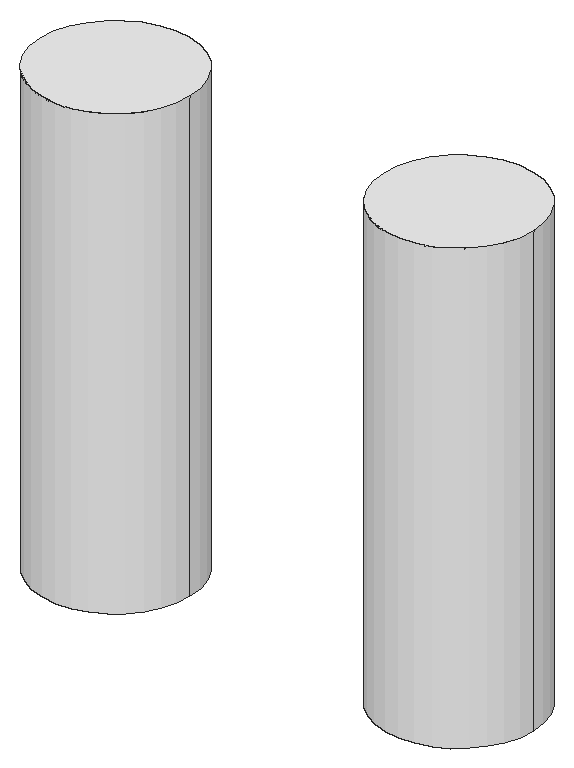
Revit family "55482203(2022)", category Plumbing Fixtures, Revit 2018
Family settings
  Round Connector Dimension = Use Diameter
  Part Type = Normal
  OmniClass Number = 23.45.55.00
  OmniClass Title = Sanitary Faucets, Wastes
  Work Plane-Based = No
  Always vertical = Yes
  Cut with Voids When Loaded = No
  Shared = No
  Room Calculation Point = No
Parameters (values of type "55482203 Kitchen faucet")
  Working Pressure = "50 - 1000 kPa"
  WarrantyStartDate [instance] = "n/a"
  WarrantyGuarantorParts = "n/a"
  WarrantyGuarantorLabor = "n/a"
  WarrantyDurationUnit = "Year"
  WarrantyDurationParts = "n/a"
  WarrantyDurationLabor = "n/a"
  WarrantyDescription = "http://warranty.hansa.com"
  Warranty Information URL = "http://warranty.hansa.com"
  VersionDate = "23/11/2022"
  Version = "1"
  ValvePattern = "n/a"
  ValveOperation = "n/a"
  ValveMechanism = "n/a"
  Uniclass2015Reference = "Pr_40_20_87_96"
  Uniclass2015Description = "Washbasin manual water supply sets"
  Uniclass2 = "Pr_40_30_96_96"
  URL REACH = "http://static.hansa.com/doc/reach"
  URL Declaration of Conformity = "http://static.hansa.com/DoC/55482203"
  URL = ""
  UNSPSC Class Number = "30181700 Faucets or taps"
  Type Comments = ""
  TestPressure = "n/a"
  Technical DataSheet URL = "http://www.hansa.com/datasheet/55482203/en"
  TagNumber [instance] = "n/a"
  SustainabilityPerformance = "n/a"
  Surface treatment = "Chrome"
  Spout Type = "Swivel spout"
  Spout Swivel Range = "120°"
  Spout Projection = "223 mm"
  Size = "50x260x175 mm"
  Shape = "Sculptured"
  SerialNumber [instance] = "n/a"
  Sales Package dimensions (LxWxH) = "330 x 270 x 60"
  Revision = "n/a"
  ReplacementCost = "n/a"
  ProductInformation = "n/a"
  Product URL = "http://static.hansa.com/55482203"
  Product Image URL = "http://static.hansa.com/image/55482203"
  Product Family = "5160 "
  Product Code = "55482203"
  OperatingMechanismMaterial = "n/a"
  NominalWidth = 49.049 mm
  NominalHeight = 175.758 mm
  NominalDepth = 259.472 mm
  Noise Class = "I (ISO 3822)"
  Name_en = "55482203 Kitchen faucet"
  Name = "55482203 Kitchen faucet"
  NBSReference = "45-35-70/371"
  NBSDescription = "Water supply fittings for wash basins and troughs"
  Mounting Holes = "1 hole"
  ModelReference = "55482203"
  ModelNumber = "n/a"
  Model = "55482203 Kitchen faucet"
  Mobile Product Information URL = "http://mpi.hansa.com/55482203"
  Mechanical Parts = "ø 35 mm ceramic cartridge for flow and temperature control"
  Max. Hot Water Supply = 70 °C
  Material = "brassPlastic"
  Market = "International;Germany"
  ManufacturerURL = "http://www.hansa.com"
  ManufacturerName = "HANSA"
  Manufacturer = "HANSA"
  Lever Handle = "Hot/Cold symbols;Single operating lever/handle"
  Keynote = ""
  Interactive AR View URL = "https://static.hansa.com/AR/55482203"
  InstallationDate [instance] = "n/a"
  Installation Type = "Deck mounted"
  InletConnectionSize = 10 mm
  IfcExportType = "FAUCET"  # constant formula
  IfcExportAs = "IfcValveType"  # constant formula
  Group = "Kitchen faucet"
  Grade = "n/a"
  FlowCoefficient = 0
  Flow Rate At 300kPa = 0.2 L/s
  Flow Drawing URL = "http://static.hansa.com/flowchart/55482203"
  Finish = "Polished"
  Features = "Single-lever"
  FaucetMainMaterial = Brass
  FDV Document URL = "http://www.hansa.com/datasheet/55482203/en/fdv"
  ExpectedLife = "n/a"
  ETIM Class Number = "EC011431 Kitchen mixing tap"
  EN Standard = "EN 817"
  EAN Number = "4057304019074"
  DurationUnit = "Year"
  Dimension Drawing URL = "http://static.hansa.com/dimdrw/55482203"
  Description = ""
  DefaultElevation [instance] = 900 mm
  Constituents = "n/a"
  Connection Size = "G3/8"
  Connection = "Flexible inlet pipes"
  Color = "Chrome"
  CodePerformance = "n/a"
  CloseOffRating = 0
  Catalog Drawing URL = "http://static.hansa.com/catdrw/55482203"
  Brand = "HANSA"
  BodyMaterial = "Brass"
  Barcode [instance] = "n/a"
  Backflow Prevention EN1717 = "AA"
  BIMObjectName = "55482203(2022)"
  Author = "BIMStone"
  AssetType = "Fixed"
  AssetIdentifier [instance] = "n/a"
  Aerator = "Standard aerator"
  Advanced Features = "Rapid installation system"
  AccessibilityPerformance = "n/a"
  3D View = "https://static.hansa.com/AR/55482203"
  2D/3D/BIM Files URL = "http://static.hansa.com/bim/55482203"
Reference planes
  plane 1 "Center (Front/Back)": y = 0
  plane 2: z = 0
  plane 3 "Center (Left/Right)": x = 0
  plane 4: x = -24.524
  plane 5: z = 900
  plane 6: z = 870
  plane 7: y = -259.472
  plane 8: x = 24.524
  plane 9: z = 1075.758
Forms (mm)
  Extrusion 1, solid, material "Brass" <- "FaucetMainMaterial"
    sketch origin (0, -2.393, 0) x (1, 0, 0) y (0, 1, 0)
      loop
        circle (-11.5, -22.5) r 5
      loop
        circle (11.5, -22.5) r 5
    from 870 to 900
Dimensions and locks
  "DefaultElevation": plane 5 to level
  locked: plane 5 to plane 6 at 30
  "NominalDepth": plane 7 to plane 1 "Center (Front/Back)"
  equal spacing: plane 4, plane 3 "Center (Left/Right)", plane 8
  "NominalHeight": plane 9 to plane 5
  "NominalWidth": plane 4 to plane 8
  "InletConnectionSize": diameter of Extrusion 1 sketch curve  (x2)
  aligned and locked: level to plane 2
  aligned and locked: plane 5 to Extrusion 1
  aligned and locked: Extrusion 1 to plane 6
  aligned and locked: plane 1 "Center (Front/Back)" to nested 2
  aligned and locked: plane 3 "Center (Left/Right)" to nested 2
  aligned and locked: plane 3 "Center (Left/Right)" to nested 1
  aligned and locked: plane 1 "Center (Front/Back)" to nested 1
  aligned and locked: plane 5 to nested 2
Automatic sketch dimensions
  Extrusion 1 sketch curve to plane 3 "Center (Left/Right)" = 11.5 mm
  plane 3 "Center (Left/Right)" to Extrusion 1 sketch curve = 11.5 mm
  plane 1 "Center (Front/Back)" to Extrusion 1 sketch curve = 24.893 mm  (x2)
Nested families
  nested 1: "Symbol" at (0, 0, 0), type "Symbol", detail levels coarse
  nested 2: "55482203_Body" at (0, 0, 900), Material <- "FaucetMainMaterial", type "55482203_Body"
    with Material Brass
Connectors
  piping at (-11.5, -24.893, 870), diameter 10, driven by "InletConnectionSize", driven by "Flow Rate At 300kPa"
    settings: on Extrusion 1, index 1, connector inside diameter 609.6 mm, connector length 0 mm, flow factor 0, pipe flow 0.2 L/s, pressure drop 0.0 Pa, fitting loss kfactor 0, connector angle 0.00°, fixture units 0, engagement length 0 mm, angle of deflection 0.00°, flow configuration 1, flow direction 1, fitting loss method 0, system type 19, joint type 0, gender type 0, connector reference index -1, connector utility 0, adjustable connector no, is connector primary yes, connector description ""
  piping at (11.5, -24.893, 870), diameter 10, driven by "InletConnectionSize", driven by "Flow Rate At 300kPa"
    settings: on Extrusion 1, index 2, connector inside diameter 609.6 mm, connector length 0 mm, flow factor 0, pipe flow 0.2 L/s, pressure drop 0.0 Pa, fitting loss kfactor 0, connector angle 0.00°, fixture units 0, engagement length 0 mm, angle of deflection 0.00°, flow configuration 1, flow direction 1, fitting loss method 0, system type 20, joint type 0, gender type 0, connector reference index -1, connector utility 0, adjustable connector no, is connector primary no, connector description ""
Definition of nested family "Symbol"
  Reference planes
    plane 1: y = 0
    plane 2: x = 0
  Lines and regions (mm)
    detail lines
      curve 1: line (0, 0, 0) -> (0, -1.8, 0)
      curve 2: line (-0.4, -1.1, 0) -> (0.4, -1.1, 0)
      curve 3: line (-0.4, -1.4, 0) -> (0.4, -1.4, 0)
      curve 4: line (0.863, 0, 0) -> (-0.863, 0, 0)
      curve 5: circle (-1.163, 0, 0) r 0.3 normal (0, 0, -1)
      curve 6: circle (1.163, 0, 0) r 0.3 normal (0, 0, 1)
Definition of nested family "55482203_Body"
  Parameters (values of type "55482203_Body")
    Material [instance] = none
  Reference planes
    plane 1 "Center (Front/Back)": y = 0
    plane 2: z = 0
    plane 3 "Center (Left/Right)": x = 0
    plane 4: z = 175.758
    plane 5: y = -259.472
    plane 6: x = -24.524
    plane 7: x = 24.524
  Forms (mm)
    Revolve 1, solid, material <- "Material", detail levels medium
      sketch origin (0, 0, 0) x (0, 1, 0) y (0, 0, 1)
        loop
          line (0, 0) -> (-1.115, 175.758) -> (-24.744, 175.758) -> (-24.744, 0) -> (0, 0)
        axis (-24.744, 0) -> (-24.744, 175.758)
      angle from 0 to 360
    Extrusion 2, solid, material <- "Material", detail levels medium
      sketch origin (0, 0, 141) x (0, 1, 0) y (0, 0, 1)
        loop
          line (-27.423, 13.223) -> (-26.356, 18.714) -> (-108.895, 34.758)
          arc (-108.895, 34.758) -> (-110.482, 33.851) -> (-109.82, 32.148) r 1.4
          line (-109.82, 32.148) -> (-101.21, 27.566) -> (-27.423, 13.223)
      from -22 to 22
    Extrusion 3, solid, material <- "Material", detail levels coarse
      sketch origin (0, 0, 0) x (1, 0, 0) y (0, 1, 0)
        loop
          line (-23.579, 0) -> (-23.579, -259.472) -> (23.579, -259.472) -> (23.579, 0) -> (-23.579, 0)
      from 0 to 175.758
    Extrusion 4, void
      sketch origin (0, 0, 0) x (0, 1, 0) y (0, 0, 1)
        loop
          line (30, 148.759) -> (30, 175.758) -> (-108.895, 175.758) -> (30, 148.759)
      from -24.524 to 24.524
    Sweep 5, solid, material <- "Material", detail levels medium
      path origin (0, 0, 0) x (0, 1, 0) y (0, 0, 1)
        loop
          line (-37.704, 104.475) -> (-256.11, 146.929)
      profile origin (0, -146.907, 125.702) x (0, -0.190809, -0.981627) y (1, 0, 0)
        loop
          line (3, -14) -> (12, -14)
          arc (12, -14) -> (15.536, -12.536) -> (17, -9) r 5
          line (17, -9) -> (17, 9)
          arc (17, 9) -> (15.536, 12.536) -> (12, 14) r 5
          line (12, 14) -> (3, 14)
          arc (3, 14) -> (0.879, 13.121) -> (0, 11) r 3
          line (0, 11) -> (0, 0) -> (0, -11)
          arc (0, -11) -> (0.879, -13.121) -> (3, -14) r 3
    Revolve 6, solid, material <- "Material", detail levels medium
      sketch origin (0, 0, 0) x (0, 1, 0) y (0, 0, 1)
        loop
          line (-247.407, 118.422) -> (-235.669, 116.141) -> (-232.806, 130.865) -> (-244.545, 133.147) -> (-247.407, 118.422)
        axis (-244.545, 133.147) -> (-247.407, 118.422)
      angle from 0 to 360
  Cuts and joins
    Extrusion 4 cuts Revolve 1
    joined: Revolve 1, Extrusion 2, Sweep 5, Revolve 6
  Lines and regions (mm)
    symbolic lines, detail levels medium+fine
      curve 1: line (0, 0, 0) -> (0, -49.198, 0)
      curve 2: line (0, -49.198, 0) -> (0, -49.198, 89.487)
      curve 3: line (0, -49.198, 129.487) -> (0, -47.379, 129.487)
      curve 4: line (0, -1.648, 129.487) -> (0, -5.545, 140.196)
      curve 6: line (0, -49.198, 131.487) -> (0, -46.843, 131.487)
      curve 8: line (0, -49.198, 150.213) -> (0, -49.198, 131.487)
      curve 9: line (0, -0.071, 143.403) -> (0, -0.241, 153.427)
      curve 10: arc (0, -0.648, 142.48) -> (0, -0.222, 142.856) -> (0, -0.071, 143.403) r 1
      curve 11: line (0, -47.379, 129.487) -> (0, -46.843, 131.487)
      curve 12: line (0, 0, 0) -> (0, 0, 129.487)
      curve 13: line (0, -5.545, 140.196) -> (0, -0.648, 142.48)
      curve 15: line (-24.524, 0, 0) -> (-24.524, 0, 128.378)
      curve 18: line (-24.524, 0, 0) -> (23.579, 0, 0)
      curve 19: line (-19.121, -98.468, 0) -> (-19.121, -49.085, 0)
      curve 21: arc (-19.121, -98.468, 0) -> (-17.732, -104.071, 0) -> (-13.888, -108.378, 0) r 12
      curve 22: line (0, -1.648, 129.487) -> (0, 0, 129.487)
      curve 24: line (0, -1.455, 154.874) -> (0, -108.895, 175.758)
      curve 25: line (0, -57.29, 160.029) -> (0, -101.21, 168.566)
      curve 26: line (0, -109.82, 173.148) -> (0, -101.21, 168.566)
      curve 27: arc (0, -108.895, 175.758) -> (0, -110.482, 174.851) -> (0, -109.82, 173.148) r 1.4
      curve 28: arc (0, -57.29, 160.029) -> (0, -51.481, 156.573) -> (0, -49.198, 150.213) r 10
      curve 29: arc (0, -0.241, 153.427) -> (0, -0.592, 154.365) -> (0, -1.455, 154.874) r 1.5
      curve 30: line (0, -49.198, 106.71) -> (0, -253.662, 146.453)
      curve 31: line (0, -49.198, 89.487) -> (0, -230.734, 125.116)
      curve 32: line (0, -232.397, 123.846) -> (0, -234.106, 124.178)
      curve 33: line (0, -256.592, 144.483) -> (0, -259.616, 129.136)
      curve 34: arc (0, -253.662, 146.453) -> (0, -255.534, 146.074) -> (0, -256.592, 144.483) r 2.5
      curve 35: line (0, -236.609, 116.324) -> (0, -235.846, 120.25)
      curve 36: line (0, -234.732, 121.001) -> (0, -234.106, 124.178)
      curve 37: line (0, -234.732, 121.001) -> (0, -235.846, 120.25)
      curve 38: line (0, -258.205, 120.521) -> (0, -236.609, 116.324)
      curve 39: line (0, -258.205, 120.521) -> (0, -257.411, 124.499)
      curve 40: line (0, -258.156, 125.617) -> (0, -257.542, 128.733)
      curve 41: line (0, -258.156, 125.617) -> (0, -257.411, 124.499)
      curve 42: arc (0, -230.734, 125.116) -> (0, -231.852, 124.855) -> (0, -232.397, 123.846) r 1.397
      curve 44: line (0, -257.542, 128.733) -> (0, -259.616, 129.136)
      curve 45: line (0, -49.198, 106.71) -> (0, -49.198, 129.487)
      curve 55: line (-22.377, 0, 160.472) -> (-20.38, 0, 161.359)
      curve 56: line (-19, 0, 163.941) -> (-19, 0, 172.153)
      curve 57: line (0, 0, 175.758) -> (-6.629, 0, 175.758)
      curve 58: arc (-6.629, 0, 175.758) -> (-11.596, 0, 175.483) -> (-16.502, 0, 174.662) r 45.034
      curve 59: arc (-16.502, 0, 174.662) -> (-18.116, 0, 173.771) -> (-19, 0, 172.153) r 3.299
      curve 60: arc (-20.38, 0, 161.359) -> (-19.367, 0, 162.477) -> (-19, 0, 163.941) r 3.106
      curve 61: arc (-24.524, 0, 157.423) -> (-23.871, 0, 159.244) -> (-22.377, 0, 160.472) r 3.633
      curve 62: line (24.524, 0, 0) -> (24.524, 0, 128.378)
      curve 63: line (22.377, 0, 160.472) -> (20.38, 0, 161.359)
      curve 64: line (19, 0, 163.941) -> (19, 0, 172.153)
      curve 65: line (0, 0, 175.758) -> (6.629, 0, 175.758)
      curve 66: arc (6.629, 0, 175.758) -> (11.596, 0, 175.483) -> (16.502, 0, 174.662) r 45.034
      curve 67: arc (16.502, 0, 174.662) -> (18.116, 0, 173.771) -> (19, 0, 172.153) r 3.299
      curve 68: arc (20.38, 0, 161.359) -> (19.367, 0, 162.477) -> (19, 0, 163.941) r 3.106
      curve 69: arc (24.524, 0, 157.423) -> (23.871, 0, 159.244) -> (22.377, 0, 160.472) r 3.633
      curve 76: line (-24.524, 0, 128.378) -> (-22.102, 0, 130.8)
      curve 77: line (-24.524, 0, 130.8) -> (-24.524, 0, 157.423)
      curve 78: line (-22.102, 0, 130.8) -> (-24.524, 0, 130.8)
      curve 81: line (24.524, 0, 128.378) -> (22.102, 0, 130.8)
      curve 82: line (22.102, 0, 130.8) -> (24.524, 0, 130.8)
      curve 83: line (24.524, 0, 130.8) -> (24.524, 0, 157.423)
      curve 84: arc (0, 0, 0) -> (-20.662, -11.314, 0) -> (-22.26, -34.816, 0) r 24.524
      curve 85: arc (-22.26, -34.816, 0) -> (-19.915, -41.78, 0) -> (-19.121, -49.085, 0) r 34
      curve 86: line (-13.888, -108.378, 0) -> (-13.888, -245.584, 0)
      curve 87: line (13.888, -108.378, 0) -> (13.888, -245.584, 0)
      curve 88: arc (-13.888, -245.584, 0) -> (0, -259.472, 0) -> (13.888, -245.584, 0) r 13.888
      curve 89: line (19.121, -98.468, 0) -> (19.121, -49.085, 0)
      curve 90: arc (19.121, -98.468, 0) -> (17.732, -104.071, 0) -> (13.888, -108.378, 0) r 12
      curve 91: arc (0, 0, 0) -> (20.662, -11.314, 0) -> (22.26, -34.816, 0) r 24.524
      curve 92: arc (22.26, -34.816, 0) -> (19.915, -41.78, 0) -> (19.121, -49.085, 0) r 34
    symbolic lines, detail levels fine
      curve 5: line (0, -23.016, 132.049) -> (0, -5.545, 140.196)
      curve 7: arc (0, -25.552, 131.487) -> (0, -24.253, 131.629) -> (0, -23.016, 132.049) r 6
      curve 14: line (0, -46.843, 131.487) -> (0, -25.552, 131.487)
      curve 16: line (-11.975, 0, 119.174) -> (-11.975, 0, 126.441)
      curve 17: line (11.975, 0, 119.174) -> (11.975, 0, 126.441)
      curve 20: line (7.121, -110.468, 0) -> (-7.121, -110.468, 0)
      curve 23: line (0, -47.379, 129.487) -> (0, -1.648, 129.487)
      curve 43: line (0, -234.106, 124.178) -> (0, -257.542, 128.733)
      curve 46: line (0, -49.198, 89.487) -> (0, -49.198, 106.71)
      curve 47: spline (11.964, 0, 119.174) -> (11.556, 0, 118.421) -> (10.361, 0, 117.72) -> (8.46, 0, 117.118) -> (5.982, 0, 116.656) -> (3.096, 0, 116.366) -> (0, 0, 116.267) -> (-3.096, 0, 116.366) -> (-5.982, 0, 116.656) -> (-8.46, 0, 117.118) -> (-10.361, 0, 117.72) -> (-11.556, 0, 118.421) -> (-11.964, 0, 119.174) -> (-11.556, 0, 119.926) -> (-10.361, 0, 120.627) -> (-8.46, 0, 121.229) -> (-5.982, 0, 121.691) -> (-3.096, 0, 121.982) -> (0, 0, 122.081) -> (3.096, 0, 121.982) -> (5.982, 0, 121.691) -> (8.46, 0, 121.229) -> (10.361, 0, 120.627) -> (11.556, 0, 119.926) -> (11.964, 0, 119.174)
      curve 48: spline (-11.964, 0, 126.441) -> (-11.556, 0, 127.194) -> (-10.361, 0, 127.895) -> (-8.46, 0, 128.497) -> (-5.982, 0, 128.959) -> (-3.096, 0, 129.249) -> (0, 0, 129.348) -> (3.096, 0, 129.249) -> (5.982, 0, 128.959) -> (8.46, 0, 128.497) -> (10.361, 0, 127.895) -> (11.556, 0, 127.194) -> (11.964, 0, 126.441)
      curve 49: line (-14, 0, 95.667) -> (-14, 0, 141.82)
      curve 50: line (14, 0, 95.667) -> (14, 0, 141.82)
      curve 51: line (-8, 0, 89.667) -> (8, 0, 89.667)
      curve 52: arc (-8, 0, 89.667) -> (-12.243, 0, 91.424) -> (-14, 0, 95.667) r 6
      curve 53: arc (8, 0, 89.667) -> (12.243, 0, 91.424) -> (14, 0, 95.667) r 6
      curve 54: spline (14, 0, 141.82) -> (13.523, 0, 143.114) -> (12.124, 0, 144.32) -> (9.899, 0, 145.355) -> (7, 0, 146.15) -> (3.623, 0, 146.649) -> (0, 0, 146.82) -> (-3.623, 0, 146.649) -> (-7, 0, 146.15) -> (-9.899, 0, 145.355) -> (-12.124, 0, 144.32) -> (-13.523, 0, 143.114) -> (-14, 0, 141.82)
      curve 70: line (0, 0, 167.806) -> (-15, 0, 167.806)
      curve 71: arc (-15, 0, 167.806) -> (-17.954, 0, 169.102) -> (-19, 0, 172.153) r 4.014
      curve 72: line (0, 0, 167.806) -> (15, 0, 167.806)
      curve 73: arc (15, 0, 167.806) -> (17.954, 0, 169.102) -> (19, 0, 172.153) r 4.014
      curve 74: line (-24.524, 0, 128.378) -> (-14, 0, 128.378)
      curve 75: line (-14, 0, 130.8) -> (-22.102, 0, 130.8)
      curve 79: line (24.524, 0, 128.378) -> (14, 0, 128.378)
      curve 80: line (14, 0, 130.8) -> (22.102, 0, 130.8)
      curve 93: arc (13.888, -108.378, 0) -> (10.662, -109.933, 0) -> (7.121, -110.468, 0) r 12
      curve 94: arc (-13.888, -108.378, 0) -> (-10.662, -109.933, 0) -> (-7.121, -110.468, 0) r 12
  Dimensions and locks
    aligned and locked: level to plane 2
